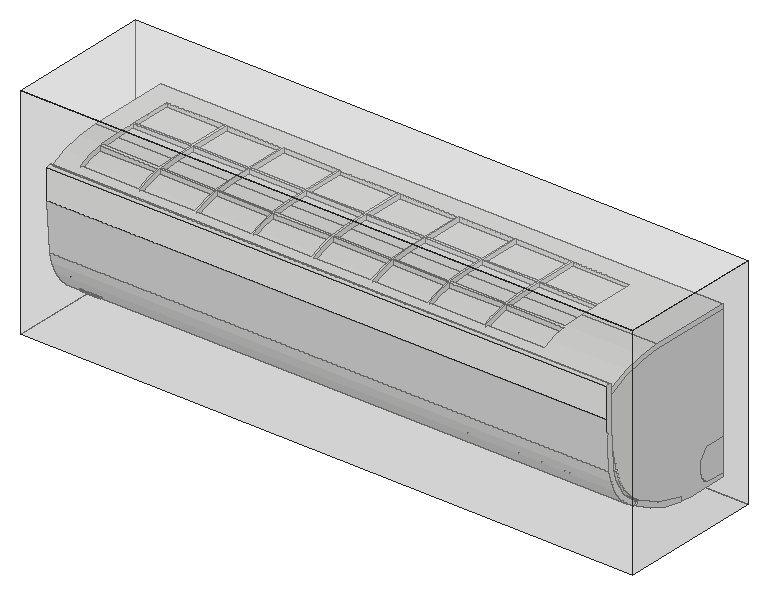
Revit family "outputfile", category 機械設備, Revit 2024
Family settings
  丸型コネクタ寸法 = 半径を使用
  パーツ タイプ = 標準
  OmniClass 番号 = 23.75.10.24.21.27.27
  OmniClass タイトル = Split System Air Conditioning Units
  作業面ベース = いいえ
  常に垂直 = はい
  ロード時にボイドで切り取り = いいえ
  注釈の向きを維持 = いいえ
  共有 = いいえ
  部屋計算ポイント = いいえ
Parameters (values of type "FXAQ40AVM4")
  Description = ""
  製造元 = "Daikin"
  書き出し IFC クラス(タイプ) = "IfcUnitaryEquipmentType"
  定義済み IFC タイプ(タイプ) = "AIRCONDITIONINGUNIT"
  Cost = 0
  モデル = "FXAQ40AVM4"
  Type Comments = ""
  Keynote = ""
  Type Image = (empty or 0)
  Assembly Code = ""
  w3_Indoor air flow = if(Width = 1050.0 mm, 109.0 mm, 1.0 mm)  # 109.0 mm
  w2_Indoor air flow = if(Width = 1050.0 mm, 103.0 mm, 98.0 mm)  # 103.0 mm
  w1_Indoor air flow = if(Width = 1050.0 mm, 108.0 mm, 103.0 mm)  # 108.0 mm
  r_Liquid Pipe Size = Liquid Pipe Size / 2  # 3.2 mm
  r_Gas Pipe Size = Gas Pipe Size / 2  # 6.35 mm
  r_Drain Pipe Size = Drain Pipe Size / 2  # 7.5 mm
  lw_powersupply [instance] = if(Width = 795.0 mm, if(or(Rear Right Connection_refrigerant, Bottom Right Connection_refrigerant), 83.0 mm, if(or(Rear Left Connection_refrigerant, Bottom Left Connection_refrigerant), 740.0 mm, 400.0 mm)), if(Width = 1050.0 mm, if(or(Rear Right Connection_refrigerant, Bottom Right Connection_refrigerant), 83.0 mm, if(or(Rear Left Connection_refrigerant, Bottom Left Connection_refrigerant), 712.0 mm + (1050.0 mm - 795.0 mm), 400.0 mm)), if(or(Rear Right Connection_refrigerant, Bottom Right Connection_refrigerant), 83.0 mm, if(or(Rear Left Connection_refrigerant, Bottom Left Connection_refrigerant), 712.0 mm, 400.0 mm))))  # 400.0 mm
  lw_liquidpipe [instance] = if(Width = 795.0 mm, if(or(Rear Right Connection_refrigerant, Bottom Right Connection_refrigerant), 0.0 mm, if(or(Rear Left Connection_refrigerant, Bottom Left Connection_refrigerant), 627.0 mm, 460.0 mm)), if(Width = 1050.0 mm, if(or(Rear Right Connection_refrigerant, Bottom Right Connection_refrigerant), 0.0 mm, if(or(Rear Left Connection_refrigerant, Bottom Left Connection_refrigerant), 627.0 mm + (1050.0 mm - 795.0 mm), 460.0 mm)), if(or(Rear Right Connection_refrigerant, Bottom Right Connection_refrigerant), 0.0 mm, if(or(Rear Left Connection_refrigerant, Bottom Left Connection_refrigerant), 627.0 mm, 460.0 mm))))  # 460.0 mm
  lw_gaspipe [instance] = if(Width = 795.0 mm, if(or(Rear Right Connection_refrigerant, Bottom Right Connection_refrigerant), 0.0 mm, if(or(Rear Left Connection_refrigerant, Bottom Left Connection_refrigerant), 620.0 mm, 415.0 mm)), if(Width = 1050.0 mm, if(or(Rear Right Connection_refrigerant, Bottom Right Connection_refrigerant), 0.0 mm, if(or(Rear Left Connection_refrigerant, Bottom Left Connection_refrigerant), 620.0 mm + (1050.0 mm - 795.0 mm), 415.0 mm)), if(or(Rear Right Connection_refrigerant, Bottom Right Connection_refrigerant), 0.0 mm, if(or(Rear Left Connection_refrigerant, Bottom Left Connection_refrigerant), 620.0 mm, 415.0 mm))))  # 415.0 mm
  lw_drainpipe [instance] = if(Width = 795.0 mm, if(or(Rear Right Connection_refrigerant, Bottom Right Connection_refrigerant), 0.0 mm, if(or(Rear Left Connection_refrigerant, Bottom Left Connection_refrigerant), 655.0 mm, 475.0 mm)), if(Width = 1050.0 mm, if(or(Rear Right Connection_refrigerant, Bottom Right Connection_refrigerant), 0.0 mm, if(or(Rear Left Connection_refrigerant, Bottom Left Connection_refrigerant), 655.0 mm + (1050.0 mm - 795.0 mm), 475.0 mm)), if(or(Rear Right Connection_refrigerant, Bottom Right Connection_refrigerant), 0.0 mm, if(or(Rear Left Connection_refrigerant, Bottom Left Connection_refrigerant), 655.0 mm, 475.0 mm))))  # 475.0 mm
  l_powersupply_length [instance] = if(Width = 795.0 mm, if(Right Connection_refrigerant, 400.0 mm, if(Left Connection_refrigerant, 395.0 mm, if(or(Rear Left Connection_refrigerant, Rear Right Connection_refrigerant), 15.0 mm, 50.0 mm))), if(Width = 1050.0 mm, if(Right Connection_refrigerant, 400.0 mm, if(Left Connection_refrigerant, 395.0 mm + (1050.0 mm - 795.0 mm), if(or(Rear Left Connection_refrigerant, Rear Right Connection_refrigerant), 15.0 mm, 50.0 mm))), if(Right Connection_refrigerant, 400.0 mm, if(Left Connection_refrigerant, 395.0 mm, if(or(Rear Left Connection_refrigerant, Rear Right Connection_refrigerant), 15.0 mm, 50.0 mm)))))  # 400.0 mm
  l_liquidpipe_length [instance] = if(Width = 795.0 mm, if(Right Connection_refrigerant, 558.0 mm, if(Left Connection_refrigerant, 237.0 mm, if(or(Rear Left Connection_refrigerant, Rear Right Connection_refrigerant), 30.0 mm, 40.0 mm))), if(Width = 1050.0 mm, if(Right Connection_refrigerant, 558.0 mm, if(Left Connection_refrigerant, 237.0 mm + (1050.0 mm - 795.0 mm), if(or(Rear Left Connection_refrigerant, Rear Right Connection_refrigerant), 30.0 mm, 40.0 mm))), if(Right Connection_refrigerant, 558.0 mm, if(Left Connection_refrigerant, 237.0 mm, if(or(Rear Left Connection_refrigerant, Rear Right Connection_refrigerant), 30.0 mm, 40.0 mm)))))  # 558.0 mm
  l_gaspipe_length [instance] = if(Width = 795.0 mm, if(Right Connection_refrigerant, 513.0 mm, if(Left Connection_refrigerant, 282.0 mm, if(or(Rear Left Connection_refrigerant, Rear Right Connection_refrigerant), 40.0 mm, 50.0 mm))), if(Width = 1050.0 mm, if(Right Connection_refrigerant, 513.0 mm, if(Left Connection_refrigerant, 282.0 mm + (1050.0 mm - 795.0 mm), if(or(Rear Left Connection_refrigerant, Rear Right Connection_refrigerant), 40.0 mm, 50.0 mm))), if(Right Connection_refrigerant, 513.0 mm, if(Left Connection_refrigerant, 282.0 mm, if(or(Rear Left Connection_refrigerant, Rear Right Connection_refrigerant), 40.0 mm, 50.0 mm)))))  # 513.0 mm
  l_drainpipe_length [instance] = if(Width = 795.0 mm, if(Right Connection_refrigerant, 573.0 mm, if(Left Connection_refrigerant, 222.0 mm, if(or(Rear Left Connection_refrigerant, Rear Right Connection_refrigerant), 15.0 mm, 20.0 mm))), if(Width = 1050.0 mm, if(Right Connection_refrigerant, 573.0 mm, if(Left Connection_refrigerant, 222.0 mm + (1050.0 mm - 795.0 mm), if(or(Rear Left Connection_refrigerant, Rear Right Connection_refrigerant), 15.0 mm, 20.0 mm))), if(Right Connection_refrigerant, 573.0 mm, if(Left Connection_refrigerant, 477.0 mm, if(or(Rear Left Connection_refrigerant, Rear Right Connection_refrigerant), 15.0 mm, 20.0 mm)))))  # 573.0 mm
  h*** = 0.0 mm  # constant formula
  d1_Indoor air flow = if(Width = 1050.0 mm, 38.0 mm, 35.0 mm)  # 38.0 mm
  angle_vertical [instance] = if(or(Bottom Left Connection_refrigerant, Bottom Right Connection_refrigerant), 0.00°, 90.00°)  # 90.00°
  angle_horizontal [instance] = if(Right Connection_refrigerant, 90.00°, if(Left Connection_refrigerant, -90.00°, if(or(Rear Left Connection_refrigerant, Rear Right Connection_refrigerant), 180.00°, 0.00°)))  # 90.00°
  Width = 1050.0 mm
  Voltage_comment_50Hz = "220-240"
  Voltage_50Hz = 230 V
  Version = "ver.1.0"
  Unit Type = "Wall Mounted Type"
  Unit Mass Weight = 15.00 kg
  Unit Designation [instance] = ""
  Uniclass2015Version = "Products v1.30"
  Uniclass2015Title = "Variable refrigerant flow units"
  Uniclass2015Code = "Pr_70_65_03_94"
  URL = ""
  Total Heating Capacity [instance] = 0.000 kW
  Total Cooling Capacity [instance] = 0.000 kW
  Sound Pressure Level_M speed (dBA) = 0
  Sound Pressure Level_L speed (dBA) = 33.5
  Sound Pressure Level_H speed (dBA) = 37
  Sound Power Level_H speed (dB) = 0
  Series = "VRV Fan Coil Unit"
  Sensible Cooling Capacity [instance] = 0.000 kW
  Refrigerant Type = "R410A"
  Power Input (Heating) = 0.050 kW
  Power Input (Cooling) = 0.050 kW
  Phase_50Hz = 1
  Option Accessory 3 [instance] = ""
  Option Accessory 2 [instance] = ""
  Option Accessory 1 [instance] = ""
  Nominal Heating Capacity = 5.000 kW
  Nominal Cooling Capacity = 4.500 kW
  Minimum Circuit Amps_50Hz = 0.7 A
  Minimum Airflow = 582.00 m³/h
  Median Airflow = 0.00 m³/h
  Maximum Fuse Amps_50Hz = 15.0 A
  Maximum Airflow = 732.00 m³/h
  Material_Casing = DAIKIN_White_Casing_indoorunit
  Load Classification = HVAC
  Liquid Pipe Size = 6.4 mm
  Link_Nested Family [instance] = ""
  IfcVersion = "0"
  IfcExportType = "AIRCONDITIONINGUNIT"
  IfcExportAs = "IfcUnitaryEquipmentType"
  Height = 290.0 mm
  Heating Entering Wet Bulb Temperature [instance] = 0.00 °C
  Heating Entering Dry Bulb Temperature [instance] = 0.00 °C
  Heating Ambient Wet Bulb Temperature [instance] = 0.00 °C
  Heating Ambient Dry Bulb Temperature [instance] = 0.00 °C
  Heat Exchanger Type = "Cross Fin Coil"
  Gas Pipe Size = 12.7 mm
  Frequency_50Hz = 50 Hz
  Fan Type = "Cross Flow Fan"
  Fan Drive = "Direct Drive"
  FCU Tag No. [instance] = ""
  Drain Pipe Size = 15.0 mm
  Design Supply Airflow [instance] = 0.00 m³/h
  Depth = 269.0 mm
  既定の高さ = 0.0 mm
  Cooling Entering Wet Bulb Temperature [instance] = 0.00 °C
  Cooling Entering Dry Bulb Temperature [instance] = 0.00 °C
  Cooling Ambient Wet Bulb Temperature [instance] = 0.00 °C
  Cooling Ambient Dry Bulb Temperature [instance] = 0.00 °C
  Clearance visibility [instance] = yes
  Clearance Top = 90.0 mm
  Clearance Right = 50.0 mm
  Clearance Rear = 0.0 mm
  Clearance Left = 50.0 mm
  Clearance Front = 0.0 mm
  Clearance Bottom = 30.0 mm
  Bottom Right Connection_refrigerant [instance] = no
  Bottom Left Connection_refrigerant [instance] = no
  Rear Right Connection_refrigerant [instance] = no
  Rear Left Connection_refrigerant [instance] = no
  Right Connection_refrigerant [instance] = yes
  Left Connection_refrigerant [instance] = no
Reference planes
  plane 1 "Back": y = 0
  plane 2: z = 0
  plane 3 "Center (Left/Right)": x = 0
  plane 4 "Center (Front/Back)": y = -134.5
  plane 5 "Front": y = -269
  plane 6 "Left": x = -525
  plane 7 "Right": x = 525
  plane 8 "Top": z = 0
  plane 9 "Bottom": z = -290
  plane 10 "Front panel_Left": x = -523
  plane 11 "Front panel_Right": x = 523
  plane 12: x = 389
  plane 13: x = 384
  plane 14: x = -573
  plane 15: x = 573
  plane 16: y = 0
  plane 17: y = -269
  plane 18: z = 90
  plane 19: z = -320
  plane 20: y = -38
  plane 21: y = -114.5
  plane 22: y = -190.5
  plane 23: y = -240
  plane 24: y = -118
  plane 25: y = -194
  plane 26: x = -50
  plane 27: x = -52
  plane 28: x = -48
  plane 29: x = 60
  plane 30: x = -160
  plane 31: x = -163
  plane 32: x = 63
  plane 33: x = -266
  plane 34: x = 166
  plane 35: x = -269
  plane 36: x = 169
  plane 37: x = -372
  plane 38: x = 272
  plane 39: x = -375
  plane 40: x = 275
  plane 41: x = 384
  plane 42: x = -484
  plane 43 "lw_Piping and Wiring intake": x = 427
  plane 44 "lw_gaspipe": x = 12
  plane 45 "lw_liquidpipe": x = -33
  plane 46 "lw_drainpipe": x = -48
  plane 47 "lh_drainpipe": z = -270
  plane 48 "lh_liquidpipe": z = -250
  plane 49 "lh_gaspipe": z = -240
  plane 50 "ld_drainpipe": y = -15
  plane 51 "ld_liquidpipe": y = -30
  plane 52 "ld_gaspipe": y = -40
  plane 53 "lw_powersupply": x = 125
Forms (mm)
  Extrusion 1, solid, material "DAIKIN_White_Casing_indoorunit" <- "Material_Casing"
    sketch origin (0, 0, 0) x (0, 1, 0) y (0, 0, 1)
      loop
        line (0, 0) -> (-153.182, 0)
        arc (-153.182, 0) -> (-207.578, -6.929) -> (-258.5, -27.273) r 216.99
        line (-258.5, -27.273) -> (-258.5, -36.477)
        arc (-258.5, -36.477) -> (-207.732, -15.245) -> (-153.182, -8) r 208.99
        line (-153.182, -8) -> (0, -8) -> (0, 0)
    from -525 to 525
  Extrusion 2, solid, material "DAIKIN_White_Casing_indoorunit" <- "Material_Casing"
    sketch origin (0, 0, 0) x (0, 1, 0) y (0, 0, 1)
      loop
        arc (-153.182, -8) -> (-207.732, -15.245) -> (-258.5, -36.477) r 208.99
        line (-258.5, -36.477) -> (-258.5, -86.08)
        arc (-258.5, -86.08) -> (-255.889, -129.793) -> (-248.094, -172.885) r 367.242
        arc (-248.094, -172.885) -> (-229.647, -212.392) -> (-197.378, -241.715) r 110.72
        arc (-197.378, -241.715) -> (-148.03, -265.605) -> (-95.247, -280.433) r 310.126
        line (-95.247, -280.433) -> (-95.247, -288.232)
        arc (-95.247, -288.232) -> (-84.534, -289.557) -> (-73.748, -290) r 131.592
        line (-73.748, -290) -> (0, -290) -> (0, -8) -> (-153.182, -8)
    from -525 to 525
  Extrusion 3, solid, material "DAIKIN_White_Casing_indoorunit" <- "Material_Casing"
    sketch origin (525, 1296.25, 1200) x (0, 1, 0) y (0, 0, 1)
      loop
        line (-1491.901, -1442.741) -> (-1496.494, -1450.482)
        arc (-1496.494, -1450.482) -> (-1447.058, -1474.911) -> (-1393.497, -1488.023) r 252.452
        line (-1393.497, -1488.023) -> (-1393.497, -1480.051)
        arc (-1393.497, -1480.051) -> (-1444.293, -1465.6) -> (-1491.901, -1442.741) r 310.126
    from 0 to -40.5
  Extrusion 4, solid, material "DAIKIN_White_Casing_indoorunit" <- "Material_Casing"
    sketch origin (0, 0, 0) x (0, 1, 0) y (0, 0, 1)
      loop
        line (-260, -76.896) -> (-260, -19.457) -> (-261.688, -19.457)
        arc (-261.688, -19.457) -> (-265.551, -20.17) -> (-269, -22.048) r 12.48
        line (-269, -22.048) -> (-269, -76.896) -> (-260, -76.896)
    from -523 to 523
  Extrusion 5, solid, material "DAIKIN_White_Casing_indoorunit" <- "Material_Casing"
    sketch origin (0, 0, 0) x (0, 1, 0) y (0, 0, 1)
      loop
        arc (-269, -76.896) -> (-267.342, -121.828) -> (-262.378, -166.517) r 609.735
        line (-262.378, -166.517) -> (-253.471, -165.192)
        arc (-253.471, -165.192) -> (-258.366, -121.165) -> (-260, -76.896) r 600.314
        line (-260, -76.896) -> (-269, -76.896)
    from -523 to 523
  Extrusion 6, solid, material "DAIKIN_White_Casing_indoorunit" <- "Material_Casing"
    sketch origin (0, 0, 0) x (0, 1, 0) y (0, 0, 1)
      loop
        arc (-262.378, -166.517) -> (-243.331, -214.672) -> (-204.947, -249.433) r 114
        line (-204.947, -249.433) -> (-200.324, -241.643)
        arc (-200.324, -241.643) -> (-235.845, -209.638) -> (-253.471, -165.192) r 104.894
        line (-253.471, -165.192) -> (-262.378, -166.517)
    from -523 to 523
  Extrusion 7, solid, material "DAIKIN_White_Casing_indoorunit" <- "Material_Casing"
    sketch origin (-525, 1296.25, 1200) x (0, 1, 0) y (0, 0, 1)
      loop
        arc (-1496.494, -1450.482) -> (-1447.058, -1474.911) -> (-1393.497, -1488.023) r 252.452
        line (-1393.497, -1488.023) -> (-1393.497, -1480.051)
        arc (-1393.497, -1480.051) -> (-1444.293, -1465.6) -> (-1491.901, -1442.741) r 310.126
        line (-1491.901, -1442.741) -> (-1496.494, -1450.482)
    from 0 to 40.5
  Extrusion 8, solid, material "DAIKIN_White_Casing_indoorunit" <- "Material_Casing"
    sketch origin (0, 0, 0) x (0, 1, 0) y (0, 0, 1)
      loop
        arc (-134.549, -280.22) -> (-116.045, -284.826) -> (-97.247, -288.023) r 252.452
        line (-97.247, -288.023) -> (-97.247, -280.051)
        arc (-97.247, -280.051) -> (-114.669, -276.142) -> (-131.838, -271.237) r 310.126
        line (-131.838, -271.237) -> (-134.549, -280.22)
    from -484.5 to 484.5
  Extrusion 9, solid, material "DAIKIN_White_Casing_indoorunit" <- "Material_Casing"
    sketch origin (389, -1524, 1789.769) x (0, 0, 1) y (0, -1, 0)
      loop
        line (-2032.51, -1328.35) -> (-2040.251, -1323.756)
        arc (-2040.251, -1323.756) -> (-2050.358, -1341.058) -> (-2059.061, -1359.107) r 252.452
        line (-2059.061, -1359.107) -> (-2050.603, -1364.126)
        arc (-2050.603, -1364.126) -> (-2042.135, -1345.945) -> (-2032.51, -1328.35) r 310.126
    from 0 to 95.5
  Extrusion 10, solid, material "DAIKIN_White_Casing_indoorunit" <- "Material_Casing"
    sketch origin (389, -1524, 1789.769) x (0, 0, 1) y (0, -1, 0)
      loop
        arc (-2059.061, -1359.107) -> (-2065.01, -1374.104) -> (-2069.989, -1389.451) r 252.452
        line (-2069.989, -1389.451) -> (-2061.006, -1392.162)
        arc (-2061.006, -1392.162) -> (-2056.142, -1378.019) -> (-2050.603, -1364.126) r 310.126
        line (-2050.603, -1364.126) -> (-2059.061, -1359.107)
    from 0 to 95.5
  Extrusion 11, solid, material "DAIKIN_White_Casing_indoorunit" <- "Material_Casing"
    sketch origin (384, -1524, 1089.438) x (0, 0, 1) y (0, -1, 0)
      loop
        arc (-1350.272, -1364.126) -> (-1341.805, -1345.945) -> (-1332.179, -1328.35) r 310.126
        line (-1332.179, -1328.35) -> (-1339.92, -1323.756)
        arc (-1339.92, -1323.756) -> (-1350.027, -1341.058) -> (-1358.73, -1359.107) r 252.452
        line (-1358.73, -1359.107) -> (-1350.272, -1364.126)
    from 0 to -868.5
  Extrusion 12, solid, material "DAIKIN_White_Casing_indoorunit" <- "Material_Casing"
    sketch origin (384, -1524, 1089.438) x (0, 0, 1) y (0, -1, 0)
      loop
        arc (-1360.675, -1392.162) -> (-1355.812, -1378.019) -> (-1350.272, -1364.126) r 310.126
        line (-1350.272, -1364.126) -> (-1358.73, -1359.107)
        arc (-1358.73, -1359.107) -> (-1364.679, -1374.104) -> (-1369.658, -1389.451) r 252.452
        line (-1369.658, -1389.451) -> (-1360.675, -1392.162)
    from 0 to -868.5
  Extrusion 13, void
    sketch origin (0, 0, 0) x (-1, 0, 0) y (0, -1, 0)
      loop
        line (48, 38) -> (48, 114.5) -> (-60, 114.5) -> (-60, 38) -> (48, 38)
      loop
        line (-63, 38) -> (-63, 114.5) -> (-166, 114.5) -> (-166, 38) -> (-63, 38)
      loop
        line (-169, 38) -> (-169, 114.5) -> (-272, 114.5) -> (-272, 38) -> (-169, 38)
      loop
        line (-275, 38) -> (-275, 114.5) -> (-384, 114.5) -> (-384, 38) -> (-275, 38)
      loop
        line (160, 38) -> (160, 114.5) -> (52, 114.5) -> (52, 38) -> (160, 38)
      loop
        line (-275, 118) -> (-275, 190.5) -> (-384, 190.5) -> (-384, 118) -> (-275, 118)
      loop
        line (-275, 194) -> (-275, 240) -> (-384, 240) -> (-384, 194) -> (-275, 194)
      loop
        line (-169, 240) -> (-272, 240) -> (-272, 194) -> (-169, 194) -> (-169, 240)
      loop
        line (-63, 240) -> (-166, 240) -> (-166, 194) -> (-63, 194) -> (-63, 240)
      loop
        line (-60, 194) -> (48, 194) -> (48, 240) -> (-60, 240) -> (-60, 194)
      loop
        line (160, 240) -> (52, 240) -> (52, 194) -> (160, 194) -> (160, 240)
      loop
        line (266, 240) -> (163, 240) -> (163, 194) -> (266, 194) -> (266, 240)
      loop
        line (372, 240) -> (269, 240) -> (269, 194) -> (372, 194) -> (372, 240)
      loop
        line (163, 38) -> (266, 38) -> (266, 114.5) -> (163, 114.5) -> (163, 38)
      loop
        line (269, 38) -> (372, 38) -> (372, 114.5) -> (269, 114.5) -> (269, 38)
      loop
        line (372, 118) -> (372, 190.5) -> (269, 190.5) -> (269, 118) -> (372, 118)
      loop
        line (266, 118) -> (266, 190.5) -> (163, 190.5) -> (163, 118) -> (266, 118)
      loop
        line (160, 118) -> (160, 190.5) -> (52, 190.5) -> (52, 118) -> (160, 118)
      loop
        line (48, 118) -> (48, 190.5) -> (-60, 190.5) -> (-60, 118) -> (48, 118)
      loop
        line (-63, 118) -> (-63, 190.5) -> (-166, 190.5) -> (-166, 118) -> (-63, 118)
      loop
        line (-169, 118) -> (-169, 190.5) -> (-272, 190.5) -> (-272, 118) -> (-169, 118)
      loop
        line (375, 38) -> (484, 38) -> (484, 114.5) -> (375, 114.5) -> (375, 38)
      loop
        line (484, 118) -> (484, 190.5) -> (375, 190.5) -> (375, 118) -> (484, 118)
      loop
        line (484, 240) -> (375, 240) -> (375, 194) -> (484, 194) -> (484, 240)
    from 2 to -30
  Extrusion 14, solid, material "DAIKIN_White_Casing_indoorunit" <- "Material_Casing"
    sketch origin (0, 0, 0) x (1, 0, 0) y (0, 0, 1)
      loop
        circle (427, -246) r 40
      loop
        circle (-465, -246) r 40
    from 0 to 5
  Extrusion 15, solid, material "DAIKIN_White_Casing_indoorunit" <- "Material_Casing"
    sketch origin (525, 1296.25, 1200) x (0, -1, 0) y (0, 0, 1)
      loop
        line (1326.25, -1422) -> (1296.25, -1422) -> (1296.25, -1482) -> (1326.25, -1482)
        arc (1326.25, -1482) -> (1340.393, -1476.142) -> (1346.25, -1462) r 20
        line (1346.25, -1462) -> (1346.25, -1442)
        arc (1346.25, -1442) -> (1340.393, -1427.858) -> (1326.25, -1422) r 20
    from 0 to 5
  Extrusion 16, solid, material "DAIKIN_White_Casing_indoorunit" <- "Material_Casing"
    sketch origin (-525, 1296.25, 1200) x (0, 1, 0) y (0, 0, 1)
      loop
        line (-1296.25, -1422) -> (-1326.25, -1422)
        arc (-1326.25, -1422) -> (-1340.393, -1427.858) -> (-1346.25, -1442) r 20
        line (-1346.25, -1442) -> (-1346.25, -1462)
        arc (-1346.25, -1462) -> (-1340.393, -1476.142) -> (-1326.25, -1482) r 20
        line (-1326.25, -1482) -> (-1296.25, -1482) -> (-1296.25, -1422)
    from 0 to 5
  Extrusion 17, solid, material "DAIKIN_White_Casing_indoorunit" <- "Material_Casing"
    sketch origin (0, 0, -290) x (-1, 0, 0) y (0, -1, 0)
      loop
        line (-397, 0) -> (-397, 30)
        arc (-397, 30) -> (-402.858, 44.142) -> (-417, 50) r 20
        line (-417, 50) -> (-437, 50)
        arc (-437, 50) -> (-451.142, 44.142) -> (-457, 30) r 20
        line (-457, 30) -> (-457, 0) -> (-397, 0)
      loop
        line (495, 0) -> (495, 30)
        arc (495, 30) -> (489.142, 44.142) -> (475, 50) r 20
        line (475, 50) -> (455, 50)
        arc (455, 50) -> (440.858, 44.142) -> (435, 30) r 20
        line (435, 30) -> (435, 0) -> (495, 0)
    from 0 to 5
Cuts and joins
  joined: Extrusion 4, Extrusion 5, Extrusion 6
  joined: Extrusion 3, Extrusion 7, Extrusion 8
  Extrusion 13 cuts Extrusion 1
Lines and regions (mm)
  reference lines
    curve 1: line (-523, -230.394, -229.966) -> (-523, -223.117, -236.824)
Dimensions and locks
  equal spacing: plane 6 "Left", plane 3 "Center (Left/Right)", plane 7 "Right"
  "Width": plane 6 "Left" to plane 7 "Right"
  equal spacing: plane 5 "Front", plane 4 "Center (Front/Back)", plane 1 "Back"
  "Depth": plane 5 "Front" to plane 1 "Back"
  "Height": plane 8 "Top" to plane 9 "Bottom"
  locked: Extrusion 1 sketch curve to Extrusion 1 sketch curve at 8
  locked: Extrusion 2 sketch curve to plane 1 "Back" at 73.748
  locked: Extrusion 3 sketch curve to plane 1 "Back" at 97.247
  locked: Extrusion 4 sketch curve to Extrusion 4 sketch curve at 9
  locked: plane 8 "Top" to Extrusion 4 sketch curve at 19.457
  locked: plane 5 "Front" to Extrusion 6 sketch curve at 6.622
  locked: plane 5 "Front" to Extrusion 6 sketch curve at 15.529
  locked: plane 10 "Front panel_Left" to plane 6 "Left" at 2
  locked: plane 7 "Right" to plane 11 "Front panel_Right" at 2
  locked: cut or joined group of Extrusion 3, Extrusion 7, Extrusion 8 to Extrusion 9 sketch curve at 40
  locked: plane 7 "Right" to plane 12 at 136
  locked: plane 12 to plane 13 at 5
  "Clearance Left": plane 14 to plane 10 "Front panel_Left"
  "Clearance Right": plane 11 "Front panel_Right" to plane 15
  "Clearance Rear": plane 16 to plane 1 "Back"
  "Clearance Front": plane 17 to plane 5 "Front"
  "Clearance Top": plane 18 to plane 8 "Top"
  "Clearance Bottom": plane 9 "Bottom" to plane 19
  locked: nested 2 to plane 10 "Front panel_Left" at 50
  "d1_Indoor air flow": plane 20 to plane 1 "Back"
  locked: plane 20 to plane 21 at 76.5
  locked: plane 21 to plane 24 at 3.5
  locked: plane 24 to plane 22 at 72.5
  locked: plane 22 to plane 25 at 3.5
  locked: plane 25 to plane 23 at 46
  locked: plane 26 to plane 3 "Center (Left/Right)" at 50
  equal spacing: plane 27, plane 26, plane 28
  locked: plane 27 to plane 28 at 4
  "w1_Indoor air flow": plane 28 to plane 29
  "w1_Indoor air flow": plane 30 to plane 27
  locked: plane 31 to plane 30 at 3
  locked: plane 29 to plane 32 at 3
  "w2_Indoor air flow": plane 33 to plane 31
  "w2_Indoor air flow": plane 32 to plane 34
  locked: plane 35 to plane 33 at 3
  locked: plane 34 to plane 36 at 3
  locked: plane 37 to plane 35 at 103
  locked: plane 36 to plane 38 at 103
  locked: plane 39 to plane 37 at 3
  locked: plane 38 to plane 40 at 3
  "w3_Indoor air flow": plane 40 to plane 41
  "w3_Indoor air flow": plane 42 to plane 39
  locked: plane 9 "Bottom" to Extrusion 14 sketch curve at 44  (x2)
  locked: Extrusion 14 sketch curve to plane 6 "Left" at 60
  locked: plane 7 "Right" to Extrusion 14 sketch curve at 98
  locked: plane 43 "lw_Piping and Wiring intake" to plane 7 "Right" at 98
  "lw_gaspipe": plane 44 "lw_gaspipe" to plane 43 "lw_Piping and Wiring intake"
  "lw_liquidpipe": plane 45 "lw_liquidpipe" to plane 43 "lw_Piping and Wiring intake"
  "lw_drainpipe": plane 46 "lw_drainpipe" to plane 43 "lw_Piping and Wiring intake"
  locked: plane 47 "lh_drainpipe" to plane 9 "Bottom" at 20
  locked: plane 48 "lh_liquidpipe" to plane 9 "Bottom" at 40
  locked: plane 49 "lh_gaspipe" to plane 9 "Bottom" at 50
  locked: plane 50 "ld_drainpipe" to plane 1 "Back" at 15
  locked: plane 1 "Back" to plane 51 "ld_liquidpipe" at 30
  locked: plane 1 "Back" to plane 52 "ld_gaspipe" at 40
  Extrusion 15 sketch curve to Extrusion 15 sketch curve to plane 9 "Bottom" = 60.0 mm locked, 8.0 mm locked
  locked: Extrusion 15 sketch curve to Extrusion 15 sketch curve at 50
  locked: Extrusion 17 sketch curve to Extrusion 17 sketch curve at 60  (x2)
  locked: Extrusion 17 sketch curve to Extrusion 17 sketch curve at 50
  locked: Extrusion 17 sketch curve to plane 43 "lw_Piping and Wiring intake" at 30
  locked: plane 6 "Left" to Extrusion 17 sketch curve at 30
  "lw_powersupply": plane 53 "lw_powersupply" to plane 7 "Right"
  radius of Extrusion 5 sketch curve = 609.735 mm
  radius of Extrusion 5 sketch curve = 600.314 mm
  aligned and locked: level to plane 2
  aligned and locked: plane 8 "Top" to Extrusion 1 sketch curve
  aligned and locked: plane 1 "Back" to Extrusion 1 sketch curve
  aligned and locked: Extrusion 1 to plane 6 "Left"
  aligned and locked: plane 7 "Right" to Extrusion 1
  aligned and locked: Extrusion 2 sketch curve to Extrusion 1
  aligned and locked: Extrusion 1 to Extrusion 2 sketch curve
  aligned and locked: plane 1 "Back" to Extrusion 2 sketch curve
  aligned and locked: Extrusion 2 sketch curve to plane 9 "Bottom"
  aligned and locked: Extrusion 2 to plane 6 "Left"
  aligned and locked: plane 7 "Right" to Extrusion 2
  aligned and locked: Extrusion 3 sketch curve to Extrusion 2
  aligned and locked: plane 5 "Front" to Extrusion 4 sketch curve
  aligned and locked: Extrusion 5 sketch curve to Extrusion 4
  aligned and locked: Extrusion 6 sketch curve to Extrusion 5
  aligned and locked: cut or joined group of Extrusion 4, Extrusion 5, Extrusion 6 to plane 11 "Front panel_Right"  (x3)
  aligned and locked: plane 10 "Front panel_Left" to cut or joined group of Extrusion 4, Extrusion 5, Extrusion 6  (x3)
  aligned and locked: Extrusion 7 sketch curve to Extrusion 3  (x4)
  aligned and locked: Extrusion 8 sketch curve to Extrusion 3  (x3)
  aligned and locked: Extrusion 8 to Extrusion 3
  aligned and locked: Extrusion 8 to Extrusion 7
  aligned and locked: Extrusion 9 sketch curve to cut or joined group of Extrusion 3, Extrusion 7, Extrusion 8  (x3)
  aligned and locked: Extrusion 10 sketch curve to cut or joined group of Extrusion 3, Extrusion 7, Extrusion 8  (x3)
  aligned and locked: Extrusion 10 sketch curve to Extrusion 9
  aligned and locked: Extrusion 9 to cut or joined group of Extrusion 3, Extrusion 7, Extrusion 8
  aligned and locked: Extrusion 10 to cut or joined group of Extrusion 3, Extrusion 7, Extrusion 8
  aligned and locked: Extrusion 11 sketch curve to Extrusion 9  (x4)
  aligned and locked: Extrusion 11 to cut or joined group of Extrusion 3, Extrusion 7, Extrusion 8
  aligned and locked: Extrusion 12 sketch curve to Extrusion 10  (x4)
  aligned and locked: Extrusion 12 to cut or joined group of Extrusion 3, Extrusion 7, Extrusion 8
  aligned and locked: plane 16 to nested 1
  aligned and locked: nested 1 to plane 17
  aligned and locked: plane 14 to nested 1
  aligned and locked: plane 15 to nested 1
  aligned and locked: plane 19 to nested 1
  aligned and locked: plane 18 to nested 1
  aligned and locked: nested 2 to curve 1
  aligned and locked: Extrusion 13 sketch curve to plane 20  (x5)
  aligned and locked: plane 28 to Extrusion 13 sketch curve  (x2)
  aligned and locked: plane 21 to Extrusion 13 sketch curve  (x5)
  aligned and locked: Extrusion 13 sketch curve to plane 29  (x2)
  aligned and locked: plane 32 to Extrusion 13 sketch curve  (x2)
  aligned and locked: Extrusion 13 sketch curve to plane 34  (x2)
  aligned and locked: plane 36 to Extrusion 13 sketch curve  (x2)
  aligned and locked: Extrusion 13 sketch curve to plane 38  (x2)
  aligned and locked: plane 40 to Extrusion 13 sketch curve  (x3)
  aligned and locked: Extrusion 13 sketch curve to plane 41  (x3)
  aligned and locked: plane 30 to Extrusion 13 sketch curve  (x2)
  aligned and locked: Extrusion 13 sketch curve to plane 27  (x2)
  aligned and locked: Extrusion 13 sketch curve to plane 24  (x8)
  aligned and locked: plane 22 to Extrusion 13 sketch curve  (x8)
  aligned and locked: Extrusion 13 sketch curve to plane 25
  aligned and locked: plane 23 to Extrusion 13 sketch curve
  aligned and locked: Extrusion 13 sketch curve to plane 23  (x7)
  aligned and locked: Extrusion 13 sketch curve to plane 36
  aligned and locked: plane 25 to Extrusion 13 sketch curve  (x7)
  aligned and locked: plane 38 to Extrusion 13 sketch curve
  aligned and locked: Extrusion 13 sketch curve to plane 32
  aligned and locked: plane 34 to Extrusion 13 sketch curve
  aligned and locked: plane 29 to Extrusion 13 sketch curve
  aligned and locked: Extrusion 13 sketch curve to plane 28
  aligned and locked: Extrusion 13 sketch curve to plane 30
  aligned and locked: plane 27 to Extrusion 13 sketch curve
  aligned and locked: Extrusion 13 sketch curve to plane 33  (x2)
  aligned and locked: plane 31 to Extrusion 13 sketch curve  (x2)
  aligned and locked: Extrusion 13 sketch curve to plane 37  (x2)
  aligned and locked: plane 35 to Extrusion 13 sketch curve  (x2)
  aligned and locked: plane 20 to Extrusion 13 sketch curve  (x3)
  aligned and locked: Extrusion 13 sketch curve to plane 21  (x3)
  aligned and locked: plane 37 to Extrusion 13 sketch curve
  aligned and locked: Extrusion 13 sketch curve to plane 35
  aligned and locked: plane 33 to Extrusion 13 sketch curve
  aligned and locked: Extrusion 13 sketch curve to plane 31
  aligned and locked: plane 39 to Extrusion 13 sketch curve  (x2)
  aligned and locked: Extrusion 13 sketch curve to plane 42  (x2)
  aligned and locked: plane 42 to Extrusion 13 sketch curve
  aligned and locked: Extrusion 13 sketch curve to plane 39
  aligned and locked: plane 1 "Back" to Extrusion 15 sketch curve
  aligned and locked: Extrusion 16 sketch curve to Extrusion 15  (x4)
  aligned and locked: Extrusion 17 sketch curve to Extrusion 17 sketch curve  (x2)
  aligned and locked: plane 1 "Back" to Extrusion 17 sketch curve
  aligned and locked: plane 44 "lw_gaspipe" to nested 3
  aligned and locked: nested 3 to plane 52 "ld_gaspipe"
  aligned and locked: plane 45 "lw_liquidpipe" to nested 4
  aligned and locked: nested 4 to plane 51 "ld_liquidpipe"
  aligned and locked: plane 46 "lw_drainpipe" to nested 5
  aligned and locked: nested 5 to plane 50 "ld_drainpipe"
  aligned and locked: nested 6 to plane 50 "ld_drainpipe"
  aligned and locked: plane 53 "lw_powersupply" to nested 6
  aligned and locked: level to plane 8 "Top"
Automatic sketch dimensions
  Extrusion 1 sketch curve to plane 8 "Top" = 0.0 mm
  Extrusion 1 sketch curve to plane 4 "Center (Front/Back)" = 18.682 mm
  Extrusion 1 sketch curve to Extrusion 1 sketch curve = 9.205 mm
  Extrusion 1 sketch curve to Extrusion 1 sketch curve = 0.0 mm  (x3)
  Extrusion 1 sketch curve to plane 5 "Front" = 10.5 mm
  Extrusion 2 sketch curve to plane 4 "Center (Front/Back)" = 6.011 mm
  plane 9 "Bottom" to Extrusion 2 sketch curve = 9.567 mm
  Extrusion 2 sketch curve to Extrusion 2 sketch curve = 21.499 mm
  plane 1 "Back" to Extrusion 2 sketch curve = 38.095 mm
  Extrusion 2 sketch curve to plane 8 "Top" = 86.08 mm
  Extrusion 2 sketch curve to Extrusion 2 sketch curve = 7.799 mm
  Extrusion 2 sketch curve to Extrusion 2 sketch curve = 11.695 mm
  plane 8 "Top" to Extrusion 2 sketch curve = 24.382 mm
  Extrusion 2 sketch curve to Extrusion 2 sketch curve = 0.0 mm  (x2)
  Extrusion 4 sketch curve to Extrusion 4 sketch curve = 1.688 mm
  Extrusion 4 sketch curve to plane 5 "Front" = 7.618 mm
  Extrusion 4 sketch curve to Extrusion 4 sketch curve = 12.476 mm
  Extrusion 4 sketch curve to Extrusion 4 sketch curve = 44.963 mm
  Extrusion 5 sketch curve to Extrusion 5 sketch curve = 0.421 mm
  Extrusion 5 sketch curve to plane 5 "Front" = 6.622 mm
  Extrusion 5 sketch curve to Extrusion 5 sketch curve = 8.907 mm
  Extrusion 5 sketch curve to plane 5 "Front" = 0.0 mm
  plane 9 "Bottom" to Extrusion 6 sketch curve = 40.567 mm
  Extrusion 6 sketch curve to Extrusion 6 sketch curve = 4.622 mm
  Extrusion 6 sketch curve to Extrusion 6 sketch curve = 0.102 mm
  Extrusion 6 sketch curve to Extrusion 6 sketch curve = 0.003 mm
  Extrusion 6 sketch curve to Extrusion 6 sketch curve = 48.524 mm
  Extrusion 6 sketch curve to Extrusion 6 sketch curve = 50.607 mm
  plane 9 "Bottom" to Extrusion 3 sketch curve = 47.259 mm
  Extrusion 3 sketch curve to Extrusion 3 sketch curve = 4.593 mm
  plane 1 "Back" to Extrusion 3 sketch curve = 64.356 mm
  plane 9 "Bottom" to Extrusion 3 sketch curve = 1.977 mm
  Extrusion 3 sketch curve to Extrusion 3 sketch curve = 7.741 mm
  plane 4 "Center (Front/Back)" to Extrusion 8 sketch curve = 2.662 mm
  Extrusion 8 sketch curve to plane 4 "Center (Front/Back)" = 0.049 mm
  plane 9 "Bottom" to curve 1 = 53.176 mm
  curve 1 to plane 5 "Front" = 45.883 mm
  curve 1 to curve 1 = 6.859 mm
  curve 1 to curve 1 = 7.277 mm
  Extrusion 15 sketch curve to plane 51 "ld_liquidpipe" = 0.0 mm  (x2)
  Extrusion 17 sketch curve to plane 51 "ld_liquidpipe" = 0.0 mm  (x4)
  radius of Extrusion 14 sketch curve = 40.0 mm  (x2)
Nested families
  nested 1: "daikin_clearancespace" at (0, -134.5, -114.881), show <- "Clearance visibility", visible <- "Clearance visibility", Link_Nested Family <- "Link_Nested Family", type "daikin_clearancespace"
    with width 1146.0 mm, show yes, height 410.0 mm, depth 269.0 mm, Link_Nested Family ""
  nested 2: "daikin_logo_plane_w40" at (-473, -230.722, -229.657) x (1, 0, 0) z (0, -0.6859, -0.7277), type "daikin_logo_plane_w40"
    with show_logo yes
  nested 3: "daikin_connector_rotate3" at (12, -40, -240), angle_vertical <- "angle_vertical", angle_horizontal <- "angle_horizontal", length <- "l_gaspipe_length", radius <- "r_Gas Pipe Size", type "daikin_connector_rotate3"
    with show no, radius 6.35 mm, length 513.0 mm, angle_vertical 90.00°, angle_horizontal 90.00°
  nested 4: "daikin_connector_rotate3" at (-33, -30, -250), angle_vertical <- "angle_vertical", angle_horizontal <- "angle_horizontal", radius <- "r_Liquid Pipe Size", length <- "l_liquidpipe_length", type "daikin_connector_rotate3"
    with show no, radius 3.2 mm, length 558.0 mm, angle_vertical 90.00°, angle_horizontal 90.00°
  nested 5: "daikin_connector_rotate3" at (-48, -15, -270), angle_vertical <- "angle_vertical", angle_horizontal <- "angle_horizontal", length <- "l_drainpipe_length", radius <- "r_Drain Pipe Size", type "daikin_connector_rotate3"
    with show no, radius 7.5 mm, length 573.0 mm, angle_vertical 90.00°, angle_horizontal 90.00°
  nested 6: "daikin_connector_rotate3" at (125, -15, -240), angle_vertical <- "angle_vertical", angle_horizontal <- "angle_horizontal", length <- "l_powersupply_length", type "daikin_connector_rotate3"
    with show no, radius 10.0 mm, length 400.0 mm, angle_vertical 90.00°, angle_horizontal 90.00°
Connectors
  piping at (525, -40, -240), diameter 12.7, driven by "r_Gas Pipe Size"
    settings: on nested 3, index 1, connector inside diameter 609.6 mm, connector length 0.0 mm, flow factor 0, pipe flow 0.00 m³/h, pressure drop 0.0 Pa, fitting loss kfactor 0, connector angle 0.00°, fixture units 0, engagement length 0.0 mm, angle of deflection 0.00°, flow configuration 1, flow direction 2, fitting loss method 0, system type 29, joint type 0, gender type 0, connector reference index -1, connector utility 0, adjustable connector no, is connector primary yes, connector description "Refrigerant Gas Piping"
  piping at (525, -30, -250), diameter 6.4, driven by "r_Liquid Pipe Size"
    settings: on nested 4, index 2, connector inside diameter 609.6 mm, connector length 0.0 mm, flow factor 0, pipe flow 0.00 m³/h, pressure drop 0.0 Pa, fitting loss kfactor 0, connector angle 0.00°, fixture units 0, engagement length 0.0 mm, angle of deflection 0.00°, flow configuration 1, flow direction 1, fitting loss method 0, system type 29, joint type 0, gender type 0, connector reference index -1, connector utility 0, adjustable connector no, is connector primary no, connector description "Refrigerant Liquid Piping"
  piping at (525, -15, -270), diameter 15, driven by "r_Drain Pipe Size"
    settings: on nested 5, index 3, connector inside diameter 609.6 mm, connector length 0.0 mm, flow factor 0, pipe flow 0.00 m³/h, pressure drop 0.0 Pa, fitting loss kfactor 0, connector angle 0.00°, fixture units 0, engagement length 0.0 mm, angle of deflection 0.00°, flow configuration 1, flow direction 2, fitting loss method 4, system type 16, joint type 0, gender type 0, connector reference index -1, connector utility 0, adjustable connector no, is connector primary no, connector description "Condensate Drain Piping"
  electrical at (525, -15, -240), driven by "Load Classification"
    settings: on nested 6, index 4, voltage 0 V, apparent load 0 VA, apparent load phase1 0 VA, apparent load phase2 0 VA, apparent load phase3 0 VA, power factor 1, load classification "HVAC", number of poles 1, system type 30, power factor state 1, is connector primary yes, connector utility no, sub classification motor no, connector description "Power Supply"
Definition of nested family "daikin_clearancespace"
  Parameters (values of type "daikin_clearancespace")
    Description = "daikin_clearancespace"
    width [instance] = 1823.963 mm
    show [instance] = yes
    material = none
    height [instance] = 1359.762 mm
    depth [instance] = 880.0 mm
    Default Elevation = 0.0 mm
    Link_Nested Family [instance] = ""
  Reference planes
    plane 1 "Center (Front/Back)": y = 0
    plane 2 "Center (Elevation)": z = -0.119
    plane 3 "Center (Left/Right)": x = 0
    plane 4: y = 440
    plane 5: y = -440
    plane 6 "Right": x = 911.982
    plane 7 "Left": x = -911.982
    plane 8 "Top": z = 679.762
    plane 9 "Bottom": z = -680
  Forms (mm)
    Extrusion 1, solid, material <- "material", visible <- "show"
      sketch origin (0, 0, 0) x (1, 0, 0) y (0, 1, 0)
        loop
          line (-911.982, 440) -> (-911.982, -440) -> (911.982, -440) -> (911.982, 440) -> (-911.982, 440)
      from -680 to 679.762
  Lines and regions (mm)
    symbolic lines, visible <- "show"
      curve 1: line (911.982, 440, 0) -> (-911.982, 440, 0)
      curve 2: line (-911.982, 440, 0) -> (-911.982, -440, 0)
      curve 3: line (-911.982, -440, 0) -> (911.982, -440, 0)
      curve 4: line (911.982, -440, 0) -> (911.982, 440, 0)
      curve 5: line (911.982, 0, 679.762) -> (-911.982, 0, 679.762)
      curve 6: line (911.982, 0, -680) -> (911.982, 0, 679.762)
      curve 7: line (-911.982, 0, -680) -> (911.982, 0, -680)
      curve 8: line (-911.982, 0, 679.762) -> (-911.982, 0, -680)
      curve 9: line (0, 440, 679.762) -> (0, -440, 679.762)
      curve 10: line (0, -440, 679.762) -> (0, -440, -680)
      curve 11: line (0, 440, -680) -> (0, 440, 679.762)
      curve 12: line (0, -440, -680) -> (0, 440, -680)
  Dimensions and locks
    "width": plane 7 "Left" to plane 6 "Right"
    "depth": plane 4 to plane 5
    "height": plane 8 "Top" to plane 9 "Bottom"
    equal spacing: plane 7 "Left", plane 3 "Center (Left/Right)", plane 6 "Right"
    equal spacing: plane 4, plane 1 "Center (Front/Back)", plane 5
    equal spacing: plane 8 "Top", plane 2 "Center (Elevation)", plane 9 "Bottom"
    aligned and locked: level to plane 2 "Center (Elevation)"
    aligned and locked: Extrusion 1 sketch curve to plane 4
    aligned and locked: plane 7 "Left" to Extrusion 1 sketch curve
    aligned and locked: Extrusion 1 sketch curve to plane 5
    aligned and locked: Extrusion 1 sketch curve to plane 6 "Right"
    aligned and locked: plane 8 "Top" to Extrusion 1
    aligned and locked: curve 1 to Extrusion 1
    aligned and locked: curve 2 to Extrusion 1
    aligned and locked: curve 3 to Extrusion 1
    aligned and locked: curve 4 to Extrusion 1
    aligned and locked: curve 5 to Extrusion 1
    aligned and locked: curve 6 to Extrusion 1
    aligned and locked: curve 7 to Extrusion 1
    aligned and locked: curve 8 to Extrusion 1
    aligned and locked: curve 9 to Extrusion 1
    aligned and locked: curve 10 to Extrusion 1
    aligned and locked: curve 11 to Extrusion 1
    aligned and locked: curve 12 to Extrusion 1
    aligned and locked: Extrusion 1 to plane 9 "Bottom"
Definition of nested family "daikin_logo_plane_w40"
  Parameters (values of type "daikin_logo_plane_w40")
    width = 40.0 mm
    show_logo [instance] = yes
    material = none
    height = 0.0 mm
    depth = 0.0 mm
    Default Elevation = 1219.2 mm
  Reference planes
    plane 1 "Center (Front/Back)": y = 0
    plane 2: z = 0
    plane 3 "Center (Left/Right)": x = 0
    plane 4: z = 2
    plane 5 "left": x = -19
    plane 6: x = 19
  Forms (mm)
    Extrusion 1, solid, visible <- "show_logo"
      sketch origin (-19, 0, 0) x (1, 0, 0) y (0, 1, 0)
        loop
          line (8.902, -1.878) -> (7.789, -6.332) -> (11.13, -6.332)
          arc (11.13, -6.332) -> (12.454, -6.064) -> (13.472, -5.176) r 2.642
          arc (13.472, -5.176) -> (13.92, -4.02) -> (13.767, -2.79) r 2.537
          arc (13.767, -2.79) -> (13.452, -2.342) -> (12.982, -2.06) r 1.321
          arc (12.982, -2.06) -> (12.063, -1.902) -> (11.13, -1.878) r 6.479
          line (11.13, -1.878) -> (8.902, -1.878)
        loop
          line (10.016, -5.441) -> (10.907, -5.441)
          arc (10.907, -5.441) -> (11.591, -4.983) -> (11.988, -4.261) r 1.742
          spline (11.988, -4.261) -> (12.01, -4.155) -> (12.027, -4.03) -> (12.037, -3.893) -> (12.037, -3.747) -> (12.026, -3.598) -> (12.002, -3.451) -> (11.962, -3.31) -> (11.905, -3.181) -> (11.829, -3.069) -> (11.731, -2.978) -> (11.61, -2.913) -> (11.464, -2.88)
          line (11.464, -2.88) -> (10.573, -2.88) -> (10.016, -5.441)
        loop
          line (13.58, -6.332) -> (14.805, -6.332) -> (15.223, -5.553) -> (16.977, -5.553) -> (17.144, -6.332) -> (19.149, -6.332) -> (18.258, -1.878) -> (16.03, -1.878) -> (13.58, -6.332)
        loop
          line (16.476, -3.214) -> (15.76, -4.551) -> (16.762, -4.551) -> (16.476, -3.214)
        loop
          line (19.705, -6.332) -> (21.599, -6.332) -> (22.712, -1.878) -> (20.819, -1.878) -> (19.705, -6.332)
        loop
          line (22.712, -6.332) -> (24.606, -6.332) -> (24.908, -5.122) -> (25.831, -6.332) -> (28.17, -6.332) -> (26.388, -3.994) -> (28.949, -1.878) -> (26.945, -1.878) -> (25.401, -3.153) -> (25.719, -1.878) -> (23.826, -1.878) -> (22.712, -6.332)
        loop
          line (29.84, -1.878) -> (28.615, -6.332) -> (30.62, -6.332) -> (31.734, -1.878) -> (29.84, -1.878)
        loop
          line (31.734, -6.332) -> (33.07, -6.332) -> (33.7, -3.814) -> (34.518, -6.332) -> (36.745, -6.332) -> (37.859, -1.878) -> (36.523, -1.878) -> (35.845, -4.589) -> (34.963, -1.878) -> (32.847, -1.878) -> (31.734, -6.332)
      from 0 to 2
    Extrusion 2, solid, visible <- "show_logo"
      sketch origin (-19, 0, 0) x (1, 0, 0) y (0, 1, 0)
        loop
          line (8.7, 0) -> (4.235, 0) -> (0, -3.879) -> (0, -8) -> (8.7, 0)
      from 0 to 2
    Extrusion 3, solid, visible <- "show_logo"
      sketch origin (-19, 0, 0) x (1, 0, 0) y (0, 1, 0)
        loop
          line (0, 0) -> (0, -3.879) -> (4.235, 0) -> (0, 0)
      from 0 to 2
  Dimensions and locks
    plane 4 to plane 2 = 2.0 mm
    equal spacing: plane 5 "left", plane 3 "Center (Left/Right)", plane 6
    locked: plane 5 "left" to plane 6 at 38
    aligned and locked: level to plane 2
    aligned and locked: Extrusion 3 to plane 1 "Center (Front/Back)"  (x2)
    aligned and locked: Extrusion 2 to plane 1 "Center (Front/Back)"  (x2)
    aligned and locked: plane 4 to Extrusion 1
    aligned and locked: plane 4 to Extrusion 3
    aligned and locked: plane 4 to Extrusion 2
    aligned and locked: Extrusion 3 to plane 5 "left"
    aligned and locked: Extrusion 2 to plane 5 "left"
  Automatic sketch dimensions
    Extrusion 1 sketch curve to Extrusion 1 sketch curve = 0.901 mm
    Extrusion 1 sketch curve to Extrusion 1 sketch curve = 1.559 mm
    Extrusion 1 sketch curve to Extrusion 1 sketch curve = 1.327 mm
    Extrusion 1 sketch curve to Extrusion 1 sketch curve = 2.145 mm
    Extrusion 1 sketch curve to Extrusion 1 sketch curve = 1.448 mm
    Extrusion 1 sketch curve to Extrusion 1 sketch curve = 2.116 mm
    Extrusion 1 sketch curve to Extrusion 1 sketch curve = 1.114 mm  (x4)
    Extrusion 1 sketch curve to Extrusion 1 sketch curve = 1.336 mm  (x2)
    plane 1 "Center (Front/Back)" to Extrusion 1 sketch curve = 1.878 mm  (x5)
    Extrusion 1 sketch curve to Extrusion 1 sketch curve = 1.893 mm  (x5)
    Extrusion 1 sketch curve to Extrusion 1 sketch curve = 0.891 mm  (x4)
    Extrusion 1 sketch curve to Extrusion 1 sketch curve = 2.005 mm  (x3)
    Extrusion 1 sketch curve to Extrusion 1 sketch curve = 0.445 mm  (x2)
    plane 1 "Center (Front/Back)" to Extrusion 1 sketch curve = 3.994 mm
    Extrusion 1 sketch curve to Extrusion 1 sketch curve = 0.557 mm  (x2)
    Extrusion 1 sketch curve to Extrusion 1 sketch curve = 2.339 mm  (x2)
    Extrusion 1 sketch curve to Extrusion 1 sketch curve = 1.225 mm  (x3)
    plane 1 "Center (Front/Back)" to Extrusion 1 sketch curve = 3.153 mm
    Extrusion 1 sketch curve to Extrusion 1 sketch curve = 0.987 mm
    plane 1 "Center (Front/Back)" to Extrusion 1 sketch curve = 5.122 mm
    Extrusion 1 sketch curve to Extrusion 1 sketch curve = 0.922 mm
    plane 1 "Center (Front/Back)" to Extrusion 1 sketch curve = 6.332 mm
    Extrusion 1 sketch curve to Extrusion 1 sketch curve = 2.562 mm
    plane 1 "Center (Front/Back)" to Extrusion 1 sketch curve = 5.553 mm
    Extrusion 1 sketch curve to Extrusion 1 sketch curve = 0.167 mm
    Extrusion 1 sketch curve to Extrusion 1 sketch curve = 0.215 mm
    plane 1 "Center (Front/Back)" to Extrusion 1 sketch curve = 3.214 mm
    Extrusion 1 sketch curve to Extrusion 1 sketch curve = 0.286 mm
    plane 1 "Center (Front/Back)" to Extrusion 1 sketch curve = 4.551 mm
    Extrusion 1 sketch curve to Extrusion 1 sketch curve = 1.002 mm
    Extrusion 1 sketch curve to Extrusion 1 sketch curve = 0.537 mm
    Extrusion 1 sketch curve to Extrusion 1 sketch curve = 0.418 mm
    Extrusion 1 sketch curve to Extrusion 1 sketch curve = 1.028 mm
    plane 1 "Center (Front/Back)" to Extrusion 1 sketch curve = 4.261 mm
    Extrusion 1 sketch curve to Extrusion 1 sketch curve = 0.563 mm
    plane 1 "Center (Front/Back)" to Extrusion 1 sketch curve = 2.88 mm
    Extrusion 1 sketch curve to Extrusion 1 sketch curve = 1.088 mm
    Extrusion 1 sketch curve to Extrusion 1 sketch curve = 2.152 mm
    Extrusion 1 sketch curve to Extrusion 1 sketch curve = 0.586 mm
    Extrusion 1 sketch curve to Extrusion 1 sketch curve = 0.118 mm
    Extrusion 1 sketch curve to Extrusion 1 sketch curve = 0.298 mm
    Extrusion 1 sketch curve to Extrusion 1 sketch curve = 0.334 mm
    Extrusion 1 sketch curve to Extrusion 1 sketch curve = 0.223 mm
    Extrusion 1 sketch curve to Extrusion 1 sketch curve = 0.266 mm
    Extrusion 1 sketch curve to Extrusion 1 sketch curve = 1.671 mm
    Extrusion 1 sketch curve to Extrusion 1 sketch curve = 2.227 mm
    Extrusion 1 sketch curve to Extrusion 1 sketch curve = 0.0 mm  (x7)
    Extrusion 1 sketch curve to Extrusion 1 sketch curve = 3.453 mm
    Extrusion 1 sketch curve to Extrusion 1 sketch curve = 2.017 mm
    Extrusion 1 sketch curve to Extrusion 1 sketch curve = 0.78 mm  (x2)
    Extrusion 1 sketch curve to Extrusion 1 sketch curve = 1.743 mm
    Extrusion 1 sketch curve to Extrusion 1 sketch curve = 0.775 mm
    Extrusion 1 sketch curve to Extrusion 1 sketch curve = 0.552 mm
    Extrusion 1 sketch curve to Extrusion 1 sketch curve = 0.014 mm
    Extrusion 1 sketch curve to Extrusion 1 sketch curve = 0.952 mm
    Extrusion 1 sketch curve to Extrusion 1 sketch curve = 1.215 mm
    Extrusion 1 sketch curve to Extrusion 1 sketch curve = 0.108 mm
    plane 1 "Center (Front/Back)" to Extrusion 2 sketch curve = 0.0 mm
    Extrusion 2 sketch curve to plane 3 "Center (Left/Right)" = 19.0 mm
    Extrusion 2 sketch curve to plane 3 "Center (Left/Right)" = 14.765 mm
    Extrusion 2 sketch curve to Extrusion 2 sketch curve = 4.465 mm
    plane 1 "Center (Front/Back)" to Extrusion 2 sketch curve = 3.879 mm
    Extrusion 2 sketch curve to Extrusion 2 sketch curve = 4.12 mm
    plane 1 "Center (Front/Back)" to Extrusion 3 sketch curve = 0.0 mm
    Extrusion 3 sketch curve to plane 3 "Center (Left/Right)" = 19.0 mm
    Extrusion 3 sketch curve to plane 3 "Center (Left/Right)" = 14.765 mm
    plane 1 "Center (Front/Back)" to Extrusion 3 sketch curve = 3.879 mm
    Extrusion 1 sketch curve to plane 3 "Center (Left/Right)" = 11.211 mm
    Extrusion 1 sketch curve to Extrusion 1 sketch curve = 1.782 mm
Definition of nested family "daikin_connector_rotate3"
  Parameters (values of type "daikin_connector_rotate3")
    show [instance] = yes
    radius [instance] = 10.0 mm
    length [instance] = 600.0 mm
    angle_horizontal [instance] = 60.00°
    angle_vertical [instance] = 90.00°
    Default Elevation = 1219.2 mm
  Reference planes
    plane 1 "Center (Front/Back)": y = 0
    plane 2: z = 0
    plane 3 "Center (Left/Right)": x = 0
  Dimensions and locks
    "angle_horizontal": angle plane 3 "Center (Left/Right)" to nested 1
    aligned and locked: level to plane 2
    aligned and locked: plane 1 "Center (Front/Back)" to nested 1  (x2)
    aligned and locked: plane 3 "Center (Left/Right)" to nested 1
  Nested families
    nested 1: "daikin_connector_rotate2" at (0, 0, 0) x (0.5, 0.866, 0) z (0, 0, 1), angle_vertical <- "angle_vertical", length <- "length", radius <- "radius", type "daikin_connector_rotate2"
      with radius 10.0 mm, length 600.0 mm, angle_vertical 90.00°
  Definition of nested family "daikin_connector_rotate2"
    Parameters (values of type "daikin_connector_rotate2")
      show_face = yes
      radius [instance] = 10.0 mm
      length [instance] = 600.0 mm
      d_surface = 10.0 mm
      angle_vertical [instance] = 90.00°
      Default Elevation = 0.0 mm
    Reference planes
      plane 1 "Center (Front/Back)": y = 0
      plane 2: z = 0
      plane 3 "Center (Left/Right)": x = 0
    Forms (mm)
      Extrusion 1, solid, visible <- "show_face"
        sketch origin (0, -600, 0) x (1, 0, 0) y (0, 0, 1)
          loop
            circle (0, 0) r 10
        from 0 to -10
    Lines and regions (mm)
      reference lines
        curve 1: line (0, 0, 0) -> (0, -600, 0)
      symbolic lines
        curve 2: circle (0, 0, 0) r 5 normal (0, 0, 1)
      model lines, visible <- "show_face"
        curve 3: line (0, 0, 0) -> (0, -600, 0)
    Dimensions and locks
      "length": curve 1 to curve 1
      "length": curve 3 to curve 3
      "d_surface": Extrusion 1 to Extrusion 1
      "radius": radius of Extrusion 1 sketch curve
      "angle_vertical": angle curve 1 to plane 1 "Center (Front/Back)"
      "angle_vertical": angle curve 3 to plane 1 "Center (Front/Back)"
      aligned and locked: level to plane 2
      aligned and locked: plane 1 "Center (Front/Back)" to curve 1
      aligned and locked: plane 2 to curve 1
      aligned and locked: plane 1 "Center (Front/Back)" to curve 2
      aligned and locked: plane 3 "Center (Left/Right)" to curve 2
      aligned and locked: plane 1 "Center (Front/Back)" to curve 3
      aligned and locked: plane 2 to curve 3
      aligned and locked: Extrusion 1 to Extrusion 1
    Automatic sketch dimensions
      Extrusion 1 sketch curve to level = 0.0 mm
      Extrusion 1 sketch curve to plane 3 "Center (Left/Right)" = 0.0 mm
      radius of curve 2 = 5.0 mm
